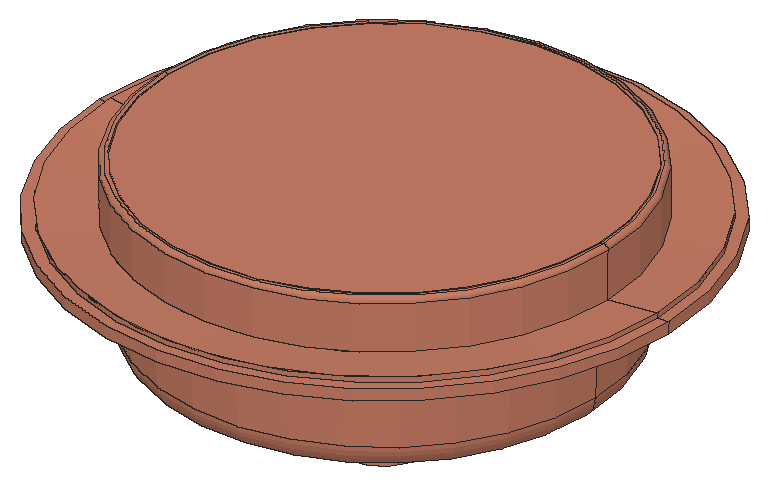
Revit family
Parameters (values of type "2230-02")
  Weight (lb) = 48.97
  Waste Connection = no
  Warranty = "1 year material and workmanship"  # constant formula
  Vent Connection = no
  URL = "http://www.jrsmith.com"
  Technical and Installation = "http://www.jrsmith.com/products/floor/tech_data_index.htm"
  SmartBIM Object Version = 3  # constant formula
  SmartBIM Object Created By = "Reed Construction Data"  # constant formula
  Push On = yes
  Product URL = "http://www.jrsmith.com/products/floor/submittal/d2230.pdf"
  Pipe Diameter = "2\""
  No Hub = yes
  Free Area (sq. in) = "25.5"  # constant formula
  Description = "Duco cast iron body and flashing collar with cast iron grate and slotted sediment bucket"  # constant formula
  Pipe Radius = 1"
  OmniClass Title = "Sanitary Drains"  # constant formula
  OmniClass Code = "22-22 13 19 13"  # constant formula
  Model = "2230"  # constant formula
  Material Finish = Duco Coated
  Material = Cast Iron
  Manufacturer = "Jay R. Smith Mfg. Co. "  # constant formula
  Default Elevation = 0"
  Connection Type = ""
  Caulk = yes
  Assembly Code = "D2030300"
  95 CSI = "15155"  # constant formula
  04 CSI = "22 13 19"  # constant formula
Types (5): name | Weight (lb) | Product URL | Pipe Diameter | Pipe Radius
  2230-02 | 48.97 | "http://www.jrsmith.com/products/floor/submittal/d2230.pdf" | "2\"" | 1"
  2230-03 | 47.97 | "http://www.jrsmith.com/products/floor/submittal/d2210.pdf" | "3\"" | 1 1/2"
  2230-04 | 46.31 | "http://www.jrsmith.com/products/floor/submittal/d2210.pdf" | "4\"" | 2"
  2230-05 | 48.92 | "http://www.jrsmith.com/products/floor/submittal/d2210.pdf" | "5\"" | 2 1/2"
  2230-06 | 47.08 | "http://www.jrsmith.com/products/floor/submittal/d2210.pdf" | "6\"" | 3"
Reference planes (in)
  plane 1 "Center (Front/Back)": y = 0
  plane 2: z = 0
  plane 3 "Center (Left/Right)": x = 0
  plane 4: z = 0.125
  plane 5: x = -7.625
  plane 6: x = 7.625
  plane 7: x = -6
  plane 8: x = 6
Dimensions and locks (in)
  plane 5 to plane 6 = 15 1/4"
  plane 7 to plane 8 = 12"
  locked: plane 4 to level at 0.125
  aligned and locked: plane 1 "Center (Front/Back)" to nested 1
  aligned and locked: plane 3 "Center (Left/Right)" to nested 1
  aligned and locked: nested 1 to plane 4
Nested families (in)
  nested 1: "2230" at (0, 0, -1.4183), type "2230"
Connectors (in)
  piping at (0, 0, -6.52862), driven by "Pipe Radius"
    settings: on nested 1, index 1
Definition of nested family "2230"
  Parameters (values of type "2230")
    Weight (lb) = 48.97
    Waste Connection = no
    Warranty = "1 year material and workmanship"  # constant formula
    Vent Connection = no
    URL = "http://www.jrsmith.com"
    Technical and Installation = "http://www.jrsmith.com/products/floor/tech_data_index.htm"
    SmartBIM Object Version = 3  # constant formula
    SmartBIM Object Created By = "Reed Construction Data"  # constant formula
    Push On = yes
    Product URL = "http://www.jrsmith.com/products/floor/submittal/d2230.pdf"
    Pipe Diameter = "2\""
    No Hub = yes
    Free Area (sq. in) = "25.5"  # constant formula
    Flow Rate = ""
    Description = "Duco cast iron body and flashing collar with cast iron grate and slotted sediment bucket"  # constant formula
    Pipe Radius = 1"
    OmniClass Title = "Sanitary Drains"  # constant formula
    OmniClass Code = "22-22 13 19 13"  # constant formula
    Model = "2230"  # constant formula
    Material Finish = Duco Coated
    Material = Cast Iron
    Manufacturer = "Jay R. Smith Mfg. Co. "  # constant formula
    Default Elevation = 0"
    Connection Type = ""
    Assembly Code = "D2030300"
    95 CSI = "15155"  # constant formula
    04 CSI = "22 13 19"  # constant formula
  Reference planes (in)
    plane 1 "Center (Front/Back)": y = 0
    plane 2: z = 0
    plane 3 "Center (Left/Right)": x = 0
    plane 4: z = 1.5433
    plane 5: x = 0
    plane 6: x = 8.65929
    plane 7: x = 7.625
    plane 8: x = -7.625
    plane 9: x = 7.625
    plane 10: x = -6
    plane 11: x = 6
  Forms (in)
    Revolve 1, solid, material "Cast Iron" <- "Material"
      sketch origin (0, 0, -4.35952) x (1, 0, 0) y (0, 0, 1)
        loop
          line (4.55158, 4.42796) -> (5.32667, 4.42796) -> (5.32667, 4.859)
          arc (5.32667, 4.859) -> (5.35254, 4.92566) -> (5.41661, 4.95741) r 0.09881
          line (5.41661, 4.95741) -> (5.68986, 4.95741) -> (5.68986, 5.26491)
          arc (5.68986, 5.26491) -> (5.65828, 5.34116) -> (5.58202, 5.37275) r 0.10784
          line (5.58202, 5.37275) -> (5.07332, 5.37275) -> (5.07332, 4.80766) -> (4.3708, 4.80766) -> (4.06603, 3.07922)
          arc (4.06603, 3.07922) -> (2.12259, 2.22369) -> (0, 2.16424) r 5.52564
          line (0, 2.16424) -> (0, 1.90679)
          arc (0, 1.90679) -> (2.24389, 1.99093) -> (4.28637, 2.92388) r 5.77975
          line (4.28637, 2.92388) -> (4.55158, 4.42796)
        axis (0, 1.90679) -> (0, 5.37275)
      angle from 0 to 360
    Extrusion 2, solid, material "Duco Coated" <- "Material Finish"
      sketch origin (-6.23822, -180, 1.5433) x (-1, 0, 0) y (0, -1, 0)
        loop
          circle (-6.23822, -180) r 5.78274
      from 0 to -0.25
    Revolve 3, solid, material "Cast Iron" <- "Material"
      sketch origin (0, 0, 0) x (1, 0, 0) y (0, 0, 1)
        loop
          line (5.34488, -0.30461) -> (5.51736, -0.30461) -> (5.51736, 0.33679) -> (5.10041, 0.33679)
          arc (5.10041, 0.33679) -> (5.01203, 0.3734) -> (4.97541, 0.46179) r 0.125
          line (4.97541, 0.46179) -> (4.97541, 0.59789) -> (5.68986, 0.59789) -> (5.78274, 1.54268) -> (5.87476, 1.54268)
          arc (5.87476, 1.54268) -> (5.96315, 1.50606) -> (6, 1.41768) r 0.125
          line (6, 1.41768) -> (6, 0.2604) -> (7.33247, 0.40872) -> (7.33247, 0.2816) -> (7.625, 0.2816) -> (7.625, -0.00062) -> (5.77133, -0.26954) -> (5.67151, -2.21672)
          arc (5.67151, -2.21672) -> (5.38195, -2.73935) -> (4.79167, -2.83183) r 0.68017
          line (4.79167, -2.83183) -> (1.29266, -2.83183) -> (1.29266, -5.11033) -> (1, -5.11033) -> (1, -2.58004) -> (5.1385, -2.58004) -> (5.21496, -0.42518)
          arc (5.21496, -0.42518) -> (5.25307, -0.33967) -> (5.33988, -0.30461) r 0.125
        axis (0, 1.54268) -> (0, -5.11033)
      angle from 0 to 360
  Dimensions and locks (in)
    plane 3 "Center (Left/Right)" to plane 5 = 0"
    "Pipe Radius": Revolve 3 sketch curve to Revolve 3 sketch curve
    plane 6 to Revolve 3 sketch curve = 8.65929"
    locked: Revolve 3 sketch curve to Revolve 3 sketch curve at 0.29266
    locked: plane 7 to Revolve 3 sketch curve at 2.64959
    plane 8 to plane 9 = 15 1/4"
    locked: plane 9 to Revolve 1 sketch curve at 1.93514
    Revolve 1 sketch curve to Revolve 1 sketch curve to Revolve 1 sketch curve = 0.61654" locked, 1.00729" locked
    plane 10 to plane 11 = 12"
    aligned and locked: plane 3 "Center (Left/Right)" to Revolve 1 sketch curve
    aligned and locked: Extrusion 2 to plane 4
    aligned and locked: Extrusion 2 sketch curve to Revolve 3  (x2)
    aligned and locked: plane 5 to Revolve 1 sketch curve
  Automatic sketch dimensions
    Revolve 3 sketch curve to plane 7 = 0"
    Revolve 3 sketch curve to plane 7 = 2.83333"
    level to Revolve 3 sketch curve = 0.59789"
    Revolve 3 sketch curve to Revolve 3 sketch curve = 0.20056"
    Revolve 3 sketch curve to Revolve 3 sketch curve = 1/8"  (x2)
    Revolve 3 sketch curve to Revolve 3 sketch curve = 0.14627"
    Revolve 3 sketch curve to Revolve 3 sketch curve = 0.11454"
    Revolve 3 sketch curve to Revolve 3 sketch curve = 0.12492"
    Revolve 3 sketch curve to Revolve 3 sketch curve = 0.005"
    Revolve 3 sketch curve to Revolve 3 sketch curve = 0.17248"
    Revolve 3 sketch curve to Revolve 3 sketch curve = 0.53301"
    Revolve 3 sketch curve to Revolve 3 sketch curve = 0.1725"
    Revolve 3 sketch curve to level = 69/256"
    Revolve 3 sketch curve to Revolve 3 sketch curve = 0.25397"
    Revolve 3 sketch curve to plane 4 = 0.00062"
    Revolve 3 sketch curve to Revolve 3 sketch curve = 0.09288"
    Revolve 3 sketch curve to Revolve 3 sketch curve = 0.09202"
    level to Revolve 3 sketch curve = 0.2604"
    Revolve 3 sketch curve to Revolve 3 sketch curve = 0.31014"
    Revolve 3 sketch curve to plane 7 = 0.29253"
    Revolve 3 sketch curve to Revolve 3 sketch curve = 0.03507"
    Revolve 3 sketch curve to Revolve 3 sketch curve = 0"  (x2)
    Revolve 3 sketch curve to Revolve 3 sketch curve = 0.12057"
    Revolve 3 sketch curve to Revolve 3 sketch curve = 1.75672"
    Revolve 3 sketch curve to Revolve 3 sketch curve = 0.03482"
    Revolve 3 sketch curve to Revolve 3 sketch curve = 0.39814"
    Revolve 3 sketch curve to Revolve 3 sketch curve = 2.2785"
    Revolve 3 sketch curve to Revolve 3 sketch curve = 41.54523"
    Revolve 3 sketch curve to level = 0.00062"
    level to Revolve 3 sketch curve = 0.2816"
    Revolve 3 sketch curve to Revolve 3 sketch curve = 0.2611"
    Revolve 3 sketch curve to Revolve 3 sketch curve = 0.12712"
    plane 4 to Revolve 3 sketch curve = 93.52174"
    Revolve 1 sketch curve to Revolve 1 sketch curve = 0"  (x4)
    Revolve 1 sketch curve to plane 4 = 0.53007"
    plane 3 "Center (Left/Right)" to Revolve 1 sketch curve = 0.90949"
    Revolve 1 sketch curve to level = 1.2803"
    Revolve 1 sketch curve to Revolve 1 sketch curve = 0.22034"
    Revolve 1 sketch curve to plane 4 = 1.09516"
    level to Revolve 1 sketch curve = 0.06843"
    Revolve 1 sketch curve to Revolve 1 sketch curve = 0.18078"
    Revolve 1 sketch curve to Revolve 1 sketch curve = 0.25334"
    Revolve 1 sketch curve to Revolve 1 sketch curve = 0.08994"
    Revolve 1 sketch curve to Revolve 1 sketch curve = 0.00887"
    Revolve 1 sketch curve to Revolve 1 sketch curve = 0.16541"
    Revolve 1 sketch curve to Revolve 1 sketch curve = 0.15534"
    Revolve 1 sketch curve to level = 2.19528"
    Revolve 1 sketch curve to Revolve 1 sketch curve = 2.4984"
    Revolve 1 sketch curve to Revolve 1 sketch curve = 1"
    Revolve 1 sketch curve to Revolve 1 sketch curve = 0.05134"
    Revolve 1 sketch curve to Revolve 1 sketch curve = 0.30477"
